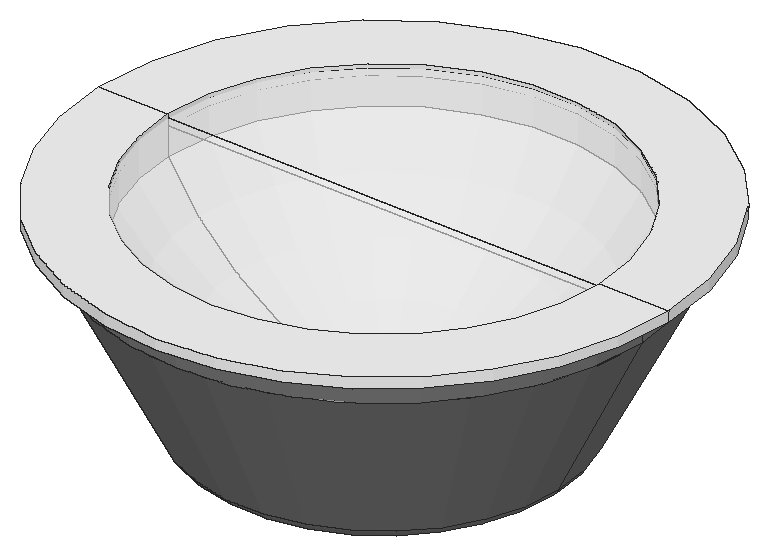
Revit family "30479", category Lighting Fixtures, host Face, Revit 2018
Family settings
  Host = Face
  Round Connector Dimension = Use Diameter
  Part Type = Normal
  OmniClass Number = 23.80.70.00
  OmniClass Title = Lighting
  Cut with Voids When Loaded = No
  Light Source = Yes
  Shared = No
  Room Calculation Point = No
Parameters (values of type "0030479 INSAVER SLIM UGR19 IP44 SSC 205 2500 840")
  WidthBezel_SYL = if(Size1_SYL, 20 mm, if(Size2_SYL, 20 mm, if(Size3PIR_SYL, 30 mm, if(Size4_SYL, 20 mm, 20 mm))))  # 20 mm
  Weight = "n/a"
  Wattage Comments = ""
  Wattage = 9 W
  WarrantyStartDate [instance] = "n/a"
  WarrantyGuarantorParts = "n/a"
  WarrantyDurationUnit = "n/a"
  WarrantyDurationParts = ""
  WarrantyDescription = "http://www.sylvania-lighting.com"
  built-in parameter 1150110 = 1 (stored number, unit not read)
  Voltage = 230 V
  VisibilityPIR_SYL = Size3PIR_SYL  # no
  URL = "0.9"
  TypeName = "Insaver Slim UGR19 IP44 SSC 205 2500lm 840"
  Type Image = <None>
  Type Comments = "n/a"
  built-in parameter 1114217 = 1 (stored number, unit not read)
  Tilt Angle = -90.00°
  built-in parameter 1150109 = 1 (stored number, unit not read)
  built-in parameter 1150134 = (empty or 0)
  built-in parameter 1150113 = 1 (stored number, unit not read)
  Size4_SYL = no
  Size3PIR_SYL = no
  Size2_SYL = no
  Size1_SYL = yes
  SerialNumber [instance] = "n/a"
  RadiusTop_SYL = 6 mm
  RadiusReflector_SYL = if(Size1_SYL, 85 mm, if(Size2_SYL, 85 mm, if(Size3PIR_SYL, 85 mm, if(Size4_SYL, 100 mm, 120 mm))))  # 85 mm
  Photometric Web File = "0030479.IES"
  Material_3_FEILO = Top-Sylvania-STARTDownlight
  PowerFactor = 0.9
  PowerConsumption = "Lighting"
  NominalLength = 165 mm
  NominalHeight = 50 mm
  NominalDepth = 165 mm
  Name = "Insaver Slim UGR19 IP44 SSC 205 2500lm 840"
  ModelReference = Name  # "Insaver Slim UGR19 IP44 SSC 205 2500lm 840"
  ModelNumber = "0030479"
  Model = Name  # "Insaver Slim UGR19 IP44 SSC 205 2500lm 840"
  Material = "Feilo Sylvania"
  ManufacturerName = "125 lm/W"
  Manufacturer = ""
  LuminousEfficacy = ""
  built-in parameter 1150105 = 83.795 (stored number, unit not read)
  Lumens = 1053 lm
  LuminaireType = "0"
  built-in parameter 1150115 = 1 (stored number, unit not read)
  LightOutputRatio = "LED"
  built-in parameter 1150137 = (empty or 0)
  built-in parameter 1150139 = (empty or 0)
  LampsType = Lamp  # "n/a"
  LampNominalLuminous = "4000 K"
  LampMacAdamStep = "80"
  LampColourTemperature = "LED"
  LampColourRenderingIndex = "16500"
  built-in parameter 1150112 = 1 (stored number, unit not read)
  built-in parameter 1150114 = 1 (stored number, unit not read)
  Lamp = "n/a"
  Keynote = "n/a"
  InstallationDate [instance] = "n/a"
  InputVoltage = "0"
  InputNominalFrequency = "4000"
  built-in parameter 1150132 = (empty or 0)
  built-in parameter 1150102 = (empty or 0)
  built-in parameter 1150107 = 3000 (stored number, unit not read)
  built-in parameter 1150138 = (empty or 0)
  IngressProtection = "IfcLightFixtureType"
  ImpactProtectionIndex = "IfcLightFixtureType"
  built-in parameter 1150106 = 0.83795 (stored number, unit not read)
  IfcExportType = "IfcLightFixtureType"
  IfcExportAs = "Class II"
  Height_SYL = if(Size1_SYL, 61 mm, if(Size2_SYL, 61 mm, if(Size3PIR_SYL, 61 mm, if(Size4_SYL, 61 mm, 60 mm))))  # 61 mm
  HeightBezel_SYL = if(Size1_SYL, 3 mm, if(Size2_SYL, 3 mm, if(Size3PIR_SYL, 3 mm, if(Size4_SYL, 3.2 mm, 3 mm))))  # 3 mm
  ExpectedLife = 50000
  Emit from Circle Diameter = Diameter_SYL - 40 mm  # 125 mm
  Emit Shape Visible in Rendering = no
  ElectricShockClassification = "125"
  built-in parameter 1150104 = 10.87 (stored number, unit not read)
  DurationUnit = "hours"
  DocumentationLiterature = "http://www.sylvania-lighting.com/product/en-int/products/0030479"
  DimmingControlOptions = "n/a"
  Material_2_FEILO = Diffuser-Sylvania-STARTDownlight
  Dimming Lamp Color Temperature Shift = <None>
  Diameter_SYL = if(Size1_SYL, 165 mm, if(Size2_SYL, 190 mm, if(Size3PIR_SYL, 211 mm, if(Size4_SYL, 220 mm, 240 mm))))  # 165 mm
  DiameterTop_SYL = if(Size1_SYL, 98 mm, if(Size2_SYL, 122 mm, if(Size3PIR_SYL, 120 mm, if(Size4_SYL, 135 mm, 158 mm))))  # 98 mm
  DiameterTopBase_SYL = DiameterRecess_SYL  # 150 mm
  DiameterRecess_SYL = if(Size1_SYL, 150 mm, if(Size2_SYL, 170 mm, if(Size3PIR_SYL, 186 mm, if(Size4_SYL, 200 mm, 225 mm))))  # 150 mm
  Description = "Insaver Slim is a ceiling recessed LED downlight (IP44 from the front),Die-cast aluminium body, loop in loop out connector for quick installation, SylSmart SSC, 20W; 2500lm; 125lm/W; 4000K; UGR <19 with shallow product depth 60mm. Meets TP(a) requirements."
  Default Elevation = 1219.2 mm
  CreatedOn = "05/03/2024"
  CreatedBy = "@sylvania-lighting.com"
  Cost = 0
  Color Filter = 16777215
  built-in parameter 1114216 [instance] = (empty or 0)
  ClassificationValue = "EF_70_80"
  ClassificationName = "Uniclass2015"
  Material_1_FEILO = Trim-Sylvania-STARTDownlight-White
  BarCode [instance] = "n/a"
  built-in parameter 1114218 = 1 (stored number, unit not read)
  built-in parameter 1150133 = 10 (stored number, unit not read)
  AssetType = "Fixed"
  AssetIdentifier [instance] = "n/a"
  Assembly Code = "D5020200"
  Apparent Load = 20 VA
  Material_4_FEILO = LED-Sylvania-STARTDownlight
Reference planes
  plane 1 "Center (Front/Back)": y = 0
  plane 2: z = 0
  plane 3 "Center (Left/Right)": x = 0
  plane 4: x = 82.5
  plane 5: x = -82.5
  plane 6: z = 3
  plane 7: z = -8
  plane 8: z = -58
  plane 9: x = -75
  plane 10: x = 75
  plane 11: x = -49
  plane 12: x = 49
  plane 13: z = -85
  plane 14: x = -62.5
  plane 15: z = 2
  plane 16: z = -46
  plane 17: x = -16
  plane 18: x = -67.5
  plane 19: x = -81.5
  plane 20: x = -99.5
  plane 21: x = -76.5
  plane 22: z = 5.5
  plane 23: z = 8.7
  plane 24: x = -75.5
  plane 25: z = 13.7
Forms (mm)
  Revolve 1, void
    sketch origin (0, 0, 0) x (1, 0, 0) y (0, 0, 1)
      loop
        line (0, 0) -> (-75, 0) -> (-75, -85) -> (0, -85) -> (0, 0)
      axis (0, 0) -> (0, -85)
    angle from 360 to 0
  Revolve 2, solid, material "Trim-Sylvania-STARTDownlight-White" <- "Material_1_FEILO"
    sketch origin (0, 0, 0) x (1, 0, 0) y (0, 0, 1)
      loop
        line (-62.5, 3) -> (-82.5, 3) -> (-82.5, 0) -> (-75, 0) -> (-75, -8) -> (-50.681, -54.768)
        arc (-50.681, -54.768) -> (-48.471, -57.129) -> (-45.357, -58) r 6
        line (-45.357, -58) -> (0, -58) -> (0, -46) -> (-16, -46)
        arc (-16, -46) -> (-42.718, -31.243) -> (-62.5, -8) r 85
        line (-62.5, -8) -> (-62.5, 3)
      axis (0, 3) -> (0, -58)
    angle from 360 to 0
  Revolve 3, solid, material "Diffuser-Sylvania-STARTDownlight" <- "Material_2_FEILO"
    sketch origin (0, 0, 0) x (1, 0, 0) y (0, 0, 1)
      loop
        line (-62.5, 0) -> (0, 0) -> (0, 2) -> (-62.5, 2) -> (-62.5, 0)
      axis (0, 2) -> (0, 0)
    angle from 360 to 0
  Revolve 4, solid, material "Trim-Sylvania-STARTDownlight-White" <- "Material_1_FEILO", visible <- "VisibilityPIR_SYL"
    sketch origin (0, 0, 0) x (1, 0, 0) y (0, 0, 1)
      loop
        line (-67.5, 3) -> (-67.5, 13.7)
        arc (-67.5, 13.7) -> (-72.217, 12.347) -> (-75.5, 8.7) r 8.9
        line (-75.5, 8.7) -> (-75.5, 5.5) -> (-76.5, 5.5) -> (-76.5, 3) -> (-67.5, 3)
      axis (-67.5, 13.7) -> (-67.5, 3)
    angle from 360 to 0
Dimensions and locks
  equal spacing: plane 4, plane 3 "Center (Left/Right)", plane 5
  "Diameter_SYL": plane 4 to plane 5
  equal spacing: plane 10, plane 3 "Center (Left/Right)", plane 9
  equal spacing: plane 12, plane 3 "Center (Left/Right)", plane 11
  "DiameterTop_SYL": plane 12 to plane 11
  "HeightBezel_SYL": plane 6 to plane 2
  "Height_SYL": plane 6 to plane 8
  locked: plane 2 to plane 7 at 8
  locked: plane 2 to plane 13 at 85
  "WidthBezel_SYL": plane 14 to plane 5
  locked: plane 6 to plane 15 at 1
  "DiameterRecess_SYL": plane 10 to plane 9
  locked: plane 3 "Center (Left/Right)" to plane 17 at 16
  locked: plane 16 to plane 8 at 12
  locked: plane 18 to plane 21 at 9
  locked: plane 22 to plane 6 at 2.5
  locked: plane 23 to plane 22 at 3.2
  locked: plane 18 to plane 24 at 8
  locked: plane 25 to plane 23 at 5
  locked: plane 25 to Revolve 4 sketch curve at 8.9
  locked: plane 18 to plane 5 at 15
  "RadiusReflector_SYL": radius of Revolve 2 sketch curve
  "RadiusTop_SYL": radius of Revolve 2 sketch curve
  aligned and locked: plane 2 to host face
  aligned and locked: level to host face
  aligned and locked: Revolve 1 sketch curve to plane 3 "Center (Left/Right)"
  aligned and locked: plane 3 "Center (Left/Right)" to Revolve 1 sketch curve
  aligned and locked: Revolve 1 sketch curve to plane 9
  aligned and locked: plane 13 to Revolve 1 sketch curve
  aligned and locked: plane 3 "Center (Left/Right)" to imposter light
  aligned and locked: imposter light to plane 15
  aligned and locked: imposter light to plane 1 "Center (Front/Back)"
  aligned and locked: Revolve 2 sketch curve to plane 3 "Center (Left/Right)"
  aligned and locked: Revolve 2 sketch curve to plane 6
  aligned and locked: Revolve 2 sketch curve to plane 5
  aligned and locked: Revolve 2 sketch curve to level
  aligned and locked: plane 7 to Revolve 2 sketch curve  (x2)
  aligned and locked: Revolve 2 sketch curve to plane 9
  aligned and locked: plane 8 to Revolve 2 sketch curve
  aligned and locked: Revolve 2 sketch curve to plane 14
  aligned and locked: plane 3 "Center (Left/Right)" to Revolve 2 sketch curve
  aligned and locked: Revolve 2 sketch curve to plane 16
  aligned and locked: Revolve 3 sketch curve to plane 3 "Center (Left/Right)"
  aligned and locked: Revolve 3 sketch curve to level
  aligned and locked: imposter light to Revolve 3 sketch curve  (x2)
  aligned and locked: Revolve 4 sketch curve to plane 18  (x2)
  aligned and locked: Revolve 4 sketch curve to plane 6
  aligned and locked: plane 22 to Revolve 4 sketch curve
  aligned and locked: plane 24 to Revolve 4 sketch curve
  aligned and locked: Revolve 4 sketch curve to Revolve 4 sketch curve
  aligned and locked: plane 21 to Revolve 4 sketch curve
Automatic sketch dimensions
  host sketch curve to host sketch curve = 2438.4 mm  (x2)
  plane 13 to Revolve 1 sketch curve = 524.6 mm
  Revolve 1 sketch curve to plane 6 = 2606.058 mm
  Revolve 1 sketch curve to level = 0 mm
  Revolve 2 sketch curve to plane 17 = 0 mm
  Revolve 2 sketch curve to plane 11 = 1.681 mm
  plane 11 to Revolve 2 sketch curve = 3.643 mm
  plane 13 to Revolve 2 sketch curve = 524.6 mm
  Revolve 2 sketch curve to Revolve 2 sketch curve = 2577.983 mm
  Revolve 3 sketch curve to plane 14 = 0 mm
  plane 13 to Revolve 3 sketch curve = 524.6 mm
  Revolve 3 sketch curve to plane 6 = 2606.058 mm
  Revolve 4 sketch curve to plane 23 = 0 mm
  plane 13 to Revolve 4 sketch curve = 524.6 mm
  Revolve 4 sketch curve to Revolve 4 sketch curve = 2595.358 mm
Connectors
  electrical at (0, 0, 0), driven by "Apparent Load", driven by "PowerFactor", driven by "Voltage"
    settings: index 1, voltage 230 V, apparent load 20 VA, apparent load phase1 0 VA, apparent load phase2 0 VA, apparent load phase3 0 VA, power factor 0.9, load classification "Lighting", number of poles 1, system type 30, power factor state 1, is connector primary yes, connector utility no, sub classification motor no, connector description ""
